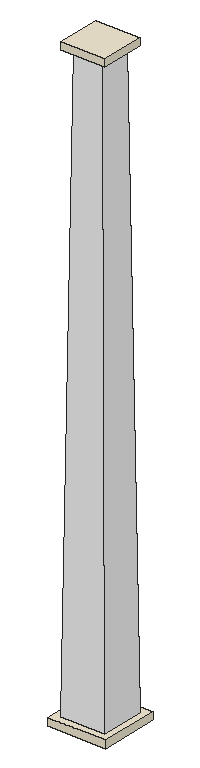
Revit family "Column_Tapered", category Generic Models, Revit 2026
Family settings
  Can host rebar = No
  Round Connector Dimension = Use Diameter
  Part Type = Normal
  Classification Number = 23.25.30.11.14.11
  Work Plane-Based = No
  Always vertical = Yes
  Cut with Voids When Loaded = No
  Maintain Annotation Orientation = No
  Shared = No
  Room Calculation Point = No
Parameters (values of type "6"")
  Warranty Duration (Years) = 0
  Test Data = ""
  Specification = "http://www.arcat.com/divs/sec/sec06440.shtml"
  Sales Information = ""
  Product Properties = "http://www.arcat.com/bim/bim_info.pl?fn=Column_Tapered"
  Product Data = "http://www.arcat.com/divs/sec/sec06440.shtml"
  Model = "Generic"  # constant formula
  Manufacturer Website = "http://www.arcat.com/"
  Manufacturer Phone - Toll Free = ""
  Manufacturer Phone = "(203) 929-9444"  # constant formula
  Manufacturer Fax = "(203) 939-2444"  # constant formula
  Manufacturer Email = "bim@arcat.com"  # constant formula
  Manufacturer Address = "1077 Bridgeport Ave, Shelton, CT  06484"  # constant formula
  Manufacturer = "Generic"  # constant formula
  Maintenance Schedule (Months) = 0
  Keynote = "06440"
  Installation_Fabricaton = ""
  Installation Phase = ""
  Height = 7' - 0"
  Green Building-LEED = "http://www.arcat.com/green/green_building.shtml"
  Finish = none
  Expected Lifespan (Years) = 0
  Drawn By = "Robert S. Weygant. CSI, CDT, SCIP"  # constant formula
  Radius = Column Taper Base / 2  # 0' - 3"
  Description = "6\" Tapered Column"
  Default Elevation = 0' - 0"
  Coulmn Wall Thickness = 0' - 0 1/2"
  Copyright = "2008, ARCAT, Inc."  # constant formula
  Construction Details = "http://www.arcat.com/divs/sec/sec06440.shtml"
  Column Taper Capital = 0' - 4"
  Column Material = ARCAT - Plastic - Glass-Fiber Reinforced - White
  Column Taper Base = 0' - 6"
  Capital Size = Column Taper Capital + 0' 2"  # 0' - 6"
  Building Codes = ""
  Base Size = Column Taper Base + 0' 2"  # 0' - 8"
  Base-Capital Material = ARCAT - Plastic - Glass-Fiber Reinforced - Tan
  Base-Capital Depth = 0' - 1"
  Axial Load Capacity = 7000.00 lbf
  Assembly Code = "C3010300"
Types (3): name | Radius | Description | Column Taper Capital | Column Taper Base | Capital Size | Base Size | Axial Load Capacity
  10" | 0' - 5" | "10\" Tapered Column" | 0' - 8" | 0' - 10" | 0' - 10" | 1' - 0" | 12000.00 lbf
  8" | 0' - 4" | "10\" Tapered Column" | 0' - 6" | 0' - 8" | 0' - 8" | 0' - 10" | 9000.00 lbf
  6" | 0' - 3" | "6\" Tapered Column" | 0' - 4" | 0' - 6" | 0' - 6" | 0' - 8" | 7000.00 lbf
Reference planes (in)
  plane 1 "Center (Front/Back)": y = 1
  plane 2: z = 0
  plane 3 "Center (Left/Right)": x = -1
  plane 4: z = 84
  plane 5: z = 42
  plane 6: z = 83
  plane 7: z = 1
  plane 8: x = -4
  plane 9: x = 2
  plane 10: y = 4
  plane 11: y = -2
  plane 12 "Top3rd": z = 55.66667
  plane 13 "Btm3rd": z = 28.33333
Forms (in)
  Extrusion 1, solid, material "ARCAT - Plastic - Glass-Fiber Reinforced - Tan" <- "Base-Capital Material"
    sketch origin (0, 0, 0) x (1, 0, 0) y (0, 1, 0)
      loop
        line (-5, 5) -> (-5, -3) -> (3, -3) -> (3, 5) -> (-5, 5)
    from 0 to 1
  Extrusion 2, solid, material "ARCAT - Plastic - Glass-Fiber Reinforced - Tan" <- "Base-Capital Material"
    sketch origin (0, 0, 83.25) x (1, 0, 0) y (0, 1, 0)
      loop
        line (-4, 4) -> (-4, -2) -> (2, -2) -> (2, 4) -> (-4, 4)
    from -0.25 to 0.75
  Blend 3, solid, material "ARCAT - Plastic - Glass-Fiber Reinforced - White" <- "Column Material"
    base sketch origin (0, 0, 0) x (1, 0, 0) y (0, 1, 0)
      loop
        line (-4, 4) -> (-4, -2) -> (2, -2) -> (2, 4) -> (-4, 4)
    top sketch origin (0, 0, 0) x (1, 0, 0) y (0, 1, 0)
      loop
        line (1, 3) -> (-3, 3) -> (-3, -1) -> (1, -1) -> (1, 3)
    from 1 to 83
Dimensions and locks (in)
  "Height": plane 4 to level
  equal spacing: plane 4, plane 5, level
  "Base-Capital Depth": plane 4 to plane 6
  "Base-Capital Depth": plane 7 to level
  equal spacing: plane 8, plane 3 "Center (Left/Right)", plane 9
  equal spacing: plane 10, plane 1 "Center (Front/Back)", plane 11
  "Column Taper Base": plane 10 to plane 11
  "Column Taper Base": plane 8 to plane 9
  equal spacing: Extrusion 1 sketch curve, plane 3 "Center (Left/Right)", Extrusion 1 sketch curve
  "Base Size": Extrusion 1 sketch curve to Extrusion 1 sketch curve  (x2)
  equal spacing: Extrusion 1 sketch curve, plane 1 "Center (Front/Back)", Extrusion 1 sketch curve
  equal spacing: Extrusion 2 sketch curve, plane 3 "Center (Left/Right)", Extrusion 2 sketch curve
  equal spacing: Extrusion 2 sketch curve, plane 1 "Center (Front/Back)", Extrusion 2 sketch curve
  "Capital Size": Extrusion 2 sketch curve to Extrusion 2 sketch curve  (x2)
  equal spacing: Blend 3 sketch curve, plane 3 "Center (Left/Right)", Blend 3 sketch curve
  equal spacing: Blend 3 sketch curve, plane 1 "Center (Front/Back)", Blend 3 sketch curve
  "Column Taper Capital": Blend 3 sketch curve to Blend 3 sketch curve  (x2)
  equal spacing: plane 6, plane 12 "Top3rd", plane 13 "Btm3rd", plane 7
  aligned and locked: plane 7 to Extrusion 1
  aligned and locked: plane 4 to Extrusion 2
  aligned and locked: Extrusion 2 to plane 6
  aligned and locked: plane 8 to Blend 3 sketch curve
  aligned and locked: Blend 3 sketch curve to plane 10
  aligned and locked: plane 11 to Blend 3 sketch curve
  aligned and locked: Blend 3 sketch curve to plane 9
  aligned and locked: plane 6 to Blend 3
  aligned and locked: Blend 3 to plane 7
